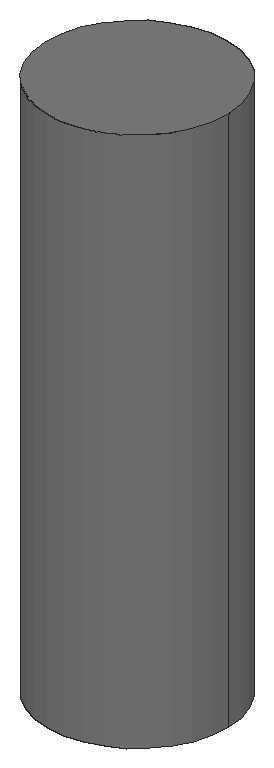
Revit family "隔板支撑", category 常规模型, Revit 2019
Family settings
  可将钢筋附着到主体 = 否
  圆形连接件大小 = 使用直径
  零件类型 = 标准
  基于工作平面 = 否
  总是垂直 = 是
  加载时剪切的空心 = 否
  共享 = 否
  房间计算点 = 否
Parameters
  材质 = none
  H = 150 mm
Reference planes
  plane 1 "中心(前/后)": y = 0
  plane 2: z = 0
  plane 3 "中心(左/右)": x = 0
  plane 4: z = 150
Forms (mm)
  Extrusion 1, solid, material <- "材质"
    sketch origin (0, 0, 0) x (1, 0, 0) y (0, 1, 0)
      loop
        circle (0, 0) r 25
    from 0 to 150
Dimensions and locks
  "H": plane 4 to plane 2
  aligned and locked: level to plane 2
  aligned and locked: plane 4 to Extrusion 1
  aligned and locked: Extrusion 1 to plane 2
Automatic sketch dimensions
  plane 1 "中心(前/后)" to Extrusion 1 sketch curve = 0 mm
  Extrusion 1 sketch curve to plane 3 "中心(左/右)" = 0 mm
  radius of Extrusion 1 sketch curve = 25 mm
